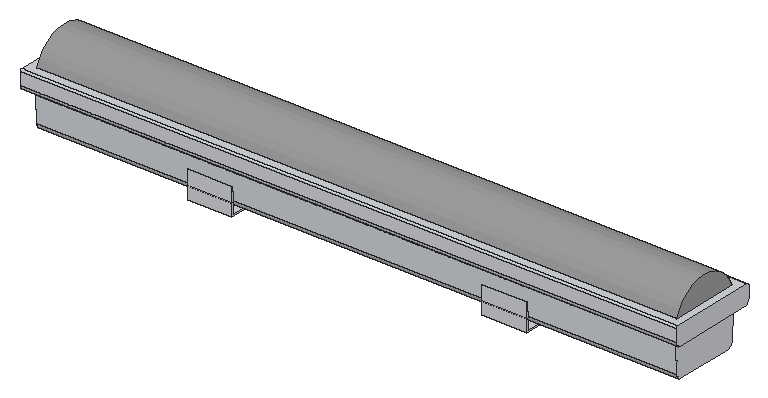
Revit family "0010206", category Lighting Fixtures, host Face, Revit 2017 (continued)
Types (60, lengths in mm): name | Weight | Wattage | TypeName | built-in parameter 1150134 | Photometric Web File | PowerFactor | PowerConsumption | NominalLength | Name | ModelReference | ModelNumber | Model | LuminousEfficacy | built-in parameter 1150105 | Lumens | LampNominalLuminous | LampMacAdamStep | LampColourTemperature | LENGHT_SYL | LENGHT_CHAMFER_SYL | LENGHT-_SYL | LENGHT-_CHAMFER_SYL | L0650_SYL | L1500_SYL | L1200_SYL | built-in parameter 1150107 | built-in parameter 1150106 | built-in parameter 1150104 | DocumentationLiterature | Description | BRACKET_WIDTH_SYL | BRACKET_DIST_SYL | Apparent Load
  0010215 RESISTO 1200 IP66 4800LM 840 QC | "1.61 kg" | 35 W | "Resisto  1200 IP66 4800lm 840 QC" | 12 | "0010215.ies" | 0.95 | "35 W" | 1212 | "Resisto  1200 IP66 4800lm 840 QC" | "Resisto  1200 IP66 4800lm 840 QC" | "0010215" | "Resisto  1200 IP66 4800lm 840 QC" | "137 lm/W" | 1583.6 (stored number, unit not read) | 4795 lm | "4800 lm" | "5" | "4000 K" | 592 | 600 | -592 | -600 | no | no | yes | 4000 (stored number, unit not read) | 15.836 (stored number, unit not read) | 12.728 (stored number, unit not read) | "http://www.sylvania-lighting.com/product/en-int/products/0010215" | "Resisto, integrated LED weatherproof luminaire, with UV stabilized flat diffuser designed to achieve uniform lit appearance, optimise light output and to reduce glare. 301 stainless steel diffuser clips and fixing brackets for surface mounting. Polycarbonate housing and diffuser - no yellow discolouration over time. 4800lm; 35W; 137lm/W; 4000K; SDCM<5; non dimmable; CRI80; IP66; IK08; Class I; 69,000hrs (L80B20) lifespan; 1200mm x 89mm x 88mm; D-mark; assembled with quick connector." | 400 | 444 | 35 VA
  0010214 RESISTO 1200 IP66 2800LM 840 QC | "1.57 kg" | 21 W | "Resisto  1200 IP66 2800lm 840 QC" | 12 | "0010214.ies" | 0.95 | "21 W" | 1212 | "Resisto  1200 IP66 2800lm 840 QC" | "Resisto  1200 IP66 2800lm 840 QC" | "0010214" | "Resisto  1200 IP66 2800lm 840 QC" | "133 lm/W" | 917.95 (stored number, unit not read) | 2793 lm | "2800 lm" | "5" | "4000 K" | 592 | 600 | -592 | -600 | no | no | yes | 4000 (stored number, unit not read) | 9.1795 (stored number, unit not read) | 12.356 (stored number, unit not read) | "http://www.sylvania-lighting.com/product/en-int/products/0010214" | "Resisto, integrated LED weatherproof luminaire, with UV stabilized flat diffuser designed to achieve uniform lit appearance, optimise light output and to reduce glare. 301 stainless steel diffuser clips and fixing brackets for surface mounting. Polycarbonate housing and diffuser - no yellow discolouration over time. 2800lm; 21W; 133lm/W; 4000K; SDCM<5; non dimmable; CRI80; IP66; IK08; Class I; 69,000hrs (L80B20) lifespan; 1200mm x 89mm x 88mm; D-mark; assembled with quick connector." | 400 | 444 | 21 VA
  0010213 RESISTO 1200 IP66 4800LM 865 | "1.54 kg" | 35 W | "Resisto  1200 IP66 4800lm 865" | 1 | "0010213.ies" | 0.95 | "35 W" | 1200 | "Resisto  1200 IP66 4800lm 865" | "Resisto  1200 IP66 4800lm 865" | "0010213" | "Resisto  1200 IP66 4800lm 865" | "137 lm/W" | 1583.6 (stored number, unit not read) | 4795 lm | "4800 lm" | "5" | "6500 K" | 592 | 600 | -592 | -600 | no | no | yes | 6500 (stored number, unit not read) | 15.836 (stored number, unit not read) | 12.728 (stored number, unit not read) | "http://www.sylvania-lighting.com/product/en-int/products/0010213" | "Resisto, integrated LED weatherproof luminaire, with UV stabilized flat diffuser designed to achieve uniform lit appearance, optimise light output and to reduce glare. 301 stainless steel diffuser clips and fixing brackets for surface mounting. Polycarbonate housing and diffuser - no yellow discolouration over time. 4800lm; 35W; 137lm/W; 6500K; SDCM<5; non dimmable; CRI80; IP66; IK08; Class I; 69,000hrs (L80B20) lifespan; 1200mm x 89mm x 88mm; D-mark." | 400 | 444 | 35 VA
  0010212 RESISTO 1200 IP66 2800LM 865 | "1.5 kg" | 21 W | "Resisto  1200 IP66 2800lm 865" | 1 | "0010212.ies" | 0.95 | "21 W" | 1200 | "Resisto  1200 IP66 2800lm 865" | "Resisto  1200 IP66 2800lm 865" | "0010212" | "Resisto  1200 IP66 2800lm 865" | "133 lm/W" | 917.95 (stored number, unit not read) | 2793 lm | "2800 lm" | "5" | "6500 K" | 592 | 600 | -592 | -600 | no | no | yes | 6500 (stored number, unit not read) | 9.1795 (stored number, unit not read) | 12.356 (stored number, unit not read) | "http://www.sylvania-lighting.com/product/en-int/products/0010212" | "Resisto, integrated LED weatherproof luminaire, with UV stabilized flat diffuser designed to achieve uniform lit appearance, optimise light output and to reduce glare. 301 stainless steel diffuser clips and fixing brackets for surface mounting. Polycarbonate housing and diffuser - no yellow discolouration over time. 2800lm; 21W; 133lm/W; 6500K; SDCM<5; non dimmable; CRI80; IP66; IK08; Class I; 69,000hrs (L80B20) lifespan; 1200mm x 89mm x 88mm; D-mark." | 400 | 444 | 21 VA
  0010211 RESISTO 1200 IP66 4800LM 840 | "11.88 kg" | 35 W | "Resisto  1200 IP66 4800lm 840" | 12 | "0010211.ies" | 0.95 | "35.0 W" | 1200 | "Resisto  1200 IP66 4800lm 840" | "Resisto  1200 IP66 4800lm 840" | "0010211" | "Resisto  1200 IP66 4800lm 840" | "137 lm/W" | -7601417.6 (stored number, unit not read) | 4795 lm | "4800 lm" | "5" | "4000 K" | 592 | 600 | -592 | -600 | no | no | yes | 4000 (stored number, unit not read) | -76014.2 (stored number, unit not read) | 12.728 (stored number, unit not read) | "http://www.sylvania-lighting.com/product/en-int/products/0010211" | "Resisto, integrated LED weatherproof luminaire, with UV stabilized flat diffuser designed to achieve uniform lit appearance, optimise light output and to reduce glare. 301 stainless steel diffuser clips and fixing brackets for surface mounting. Polycarbonate housing and diffuser - no yellow discolouration over time. 4800lm; 35W; 137lm/W; 4000K; SDCM<5; non dimmable; CRI80; IP66; IK08; Class I; 69,000hrs (L80B20) lifespan; 1200mm x 89mm x 88mm; D-mark." | 400 | 444 | 35 VA
  0010210 RESISTO 1200 IP66 2800LM 840 | "11.88 kg" | 21 W | "Resisto  1200 IP66 2800lm 840" | 12 | "0010210.ies" | 0.95 | "21.0 W" | 1200 | "Resisto  1200 IP66 2800lm 840" | "Resisto  1200 IP66 2800lm 840" | "0010210" | "Resisto  1200 IP66 2800lm 840" | "133 lm/W" | -2570258.2 (stored number, unit not read) | 2793 lm | "2800 lm" | "5" | "4000 K" | 592 | 600 | -592 | -600 | no | no | yes | 4000 (stored number, unit not read) | -25702.6 (stored number, unit not read) | 12.356 (stored number, unit not read) | "http://www.sylvania-lighting.com/product/en-int/products/0010210" | "Resisto, integrated LED weatherproof luminaire, with UV stabilized flat diffuser designed to achieve uniform lit appearance, optimise light output and to reduce glare. 301 stainless steel diffuser clips and fixing brackets for surface mounting. Polycarbonate housing and diffuser - no yellow discolouration over time. 2800lm; 21W; 133lm/W; 4000K; SDCM<5; non dimmable; CRI80; IP66; IK08; Class I; 69,000hrs (L80B20) lifespan; 1200mm x 89mm x 88mm; D-mark." | 400 | 444 | 21 VA
  0010209 RESISTO 1200 IP66 4800LM 830 | "1.54 kg" | 35 W | "Resisto  1200 IP66 4800lm 830" | (empty or 0) | "0010209.ies" | 0.95 | "35 W" | 1200 | "Resisto  1200 IP66 4800lm 830" | "Resisto  1200 IP66 4800lm 830" | "0010209" | "Resisto  1200 IP66 4800lm 830" | "137 lm/W" | 1583.6 (stored number, unit not read) | 4795 lm | "4800 lm" | "5" | "3000 K" | 592 | 600 | -592 | -600 | no | no | yes | 3000 (stored number, unit not read) | 15.836 (stored number, unit not read) | 12.728 (stored number, unit not read) | "http://www.sylvania-lighting.com/product/en-int/products/0010209" | "Resisto, integrated LED weatherproof luminaire, with UV stabilized flat diffuser designed to achieve uniform lit appearance, optimise light output and to reduce glare. 301 stainless steel diffuser clips and fixing brackets for surface mounting. Polycarbonate housing and diffuser - no yellow discolouration over time. 4800lm; 35W; 137lm/W; 3000K; SDCM<5; non dimmable; CRI80; IP66; IK08; Class I; 69,000hrs (L80B20) lifespan; 1200mm x 89mm x 88mm; D-mark." | 400 | 444 | 35 VA
  0010208 RESISTO 1200 IP66 2800LM 830 | "1.5 kg" | 21 W | "Resisto  1200 IP66 2800lm 830" | (empty or 0) | "0010208.ies" | 0.95 | "21 W" | 1200 | "Resisto  1200 IP66 2800lm 830" | "Resisto  1200 IP66 2800lm 830" | "0010208" | "Resisto  1200 IP66 2800lm 830" | "133 lm/W" | 917.95 (stored number, unit not read) | 2793 lm | "2800 lm" | "5" | "3000 K" | 592 | 600 | -592 | -600 | no | no | yes | 3000 (stored number, unit not read) | 9.1795 (stored number, unit not read) | 12.356 (stored number, unit not read) | "http://www.sylvania-lighting.com/product/en-int/products/0010208" | "Resisto, integrated LED weatherproof luminaire, with UV stabilized flat diffuser designed to achieve uniform lit appearance, optimise light output and to reduce glare. 301 stainless steel diffuser clips and fixing brackets for surface mounting. Polycarbonate housing and diffuser - no yellow discolouration over time. 2800lm; 21W; 133lm/W; 3000K; SDCM<5; non dimmable; CRI80; IP66; IK08; Class I; 69,000hrs (L80B20) lifespan; 1200mm x 89mm x 88mm; D-mark." | 400 | 444 | 21 VA
  0010207 RESISTO 600 HE IP66 2500LM 840 | "0.96 kg" | 16 W | "Resisto  600 HE IP66 2500lm 840" | 12 | "0010207.ies" | 0.95 | "16 W" | 650 | "Resisto  600 HE IP66 2500lm 840" | "Resisto  600 HE IP66 2500lm 840" | "0010207" | "Resisto  600 HE IP66 2500lm 840" | "156 lm/W" | 829.02 (stored number, unit not read) | 2496 lm | "2500 lm" | "3" | "4000 K" | 317 | 325 | -317 | -325 | yes | no | no | 4000 (stored number, unit not read) | 8.2902 (stored number, unit not read) | 14.493 (stored number, unit not read) | "http://www.sylvania-lighting.com/product/en-int/products/0010207" | "Resisto, integrated LED weatherproof luminaire, with UV stabilized flat diffuser designed to achieve uniform lit appearance, optimise light output and to reduce glare. 301 stainless steel diffuser clips and fixing brackets for surface mounting. Polycarbonate housing and diffuser - no yellow discolouration over time. 2500lm; 16W; 156lm/W; 4000K; SDCM<3; non dimmable; CRI80; IP66; IK08; Class I; 69,000hrs (L80B20) lifespan; 650mm x 89mm x 88mm; D-mark." | 125 | 169 | 16 VA
  0010206 RESISTO 600 HE IP66 1400LM 840 | "0.88 kg" | 10 W | "Resisto  600 HE IP66 1400lm 840" | 12 | "0010206.ies" | 0.9 | "10 W" | 650 | "Resisto  600 HE IP66 1400lm 840" | "Resisto  600 HE IP66 1400lm 840" | "0010206" | "Resisto  600 HE IP66 1400lm 840" | "140 lm/W" | 479.25 (stored number, unit not read) | 1400 lm | "1400 lm" | "3" | "4000 K" | 317 | 325 | -317 | -325 | yes | no | no | 4000 (stored number, unit not read) | 4.7925 (stored number, unit not read) | 13.006 (stored number, unit not read) | "http://www.sylvania-lighting.com/product/en-int/products/0010206" | "Resisto, integrated LED weatherproof luminaire, with UV stabilized flat diffuser designed to achieve uniform lit appearance, optimise light output and to reduce glare. 301 stainless steel diffuser clips and fixing brackets for surface mounting. Polycarbonate housing and diffuser - no yellow discolouration over time. 1400lm; 10W; 140lm/W; 4000K; SDCM<3; non dimmable; CRI80; IP66; IK08; Class I; 69,000hrs (L80B20) lifespan; 650mm x 89mm x 88mm; D-mark." | 125 | 169 | 10 VA
  0010205 RESISTO 600 IP66 2500LM 865 | "0.88 kg" | 19 W | "Resisto  600 IP66 2500lm 865" | 1 | "0010205.ies" | 1 | "19 W" | 650 | "Resisto  600 IP66 2500lm 865" | "Resisto  600 IP66 2500lm 865" | "0010205" | "Resisto  600 IP66 2500lm 865" | "132 lm/W" | 833.01 (stored number, unit not read) | 2508 lm | "2500 lm" | "5" | "6500 K" | 317 | 325 | -317 | -325 | yes | no | no | 6500 (stored number, unit not read) | 8.3301 (stored number, unit not read) | 12.263 (stored number, unit not read) | "http://www.sylvania-lighting.com/product/en-int/products/0010205" | "Resisto, integrated LED weatherproof luminaire, with UV stabilized flat diffuser designed to achieve uniform lit appearance, optimise light output and to reduce glare. 301 stainless steel diffuser clips and fixing brackets for surface mounting. Polycarbonate housing and diffuser - no yellow discolouration over time. 2500lm; 19W; 132lm/W; 6500K; SDCM<5; non dimmable; CRI80; IP66; IK08; Class I; 69,000hrs (L80B20) lifespan; 650mm x 89mm x 88mm; D-mark." | 125 | 169 | 19 VA
  0010204 RESISTO 600 IP66 1600LM 865 | "0.88 kg" | 12 W | "Resisto  600 IP66 1600lm 865" | 1 | "0010204.ies" | 0.9 | "12 W" | 650 | "Resisto  600 IP66 1600lm 865" | "Resisto  600 IP66 1600lm 865" | "0010204" | "Resisto  600 IP66 1600lm 865" | "133 lm/W" | 546.34 (stored number, unit not read) | 1596 lm | "1600 lm" | "5" | "6500 K" | 317 | 325 | -317 | -325 | yes | no | no | 6500 (stored number, unit not read) | 5.4634 (stored number, unit not read) | 12.356 (stored number, unit not read) | "http://www.sylvania-lighting.com/product/en-int/products/0010204" | "Resisto, integrated LED weatherproof luminaire, with UV stabilized flat diffuser designed to achieve uniform lit appearance, optimise light output and to reduce glare. 301 stainless steel diffuser clips and fixing brackets for surface mounting. Polycarbonate housing and diffuser - no yellow discolouration over time. 1600lm; 12W; 133lm/W; 6500K; SDCM<5; non dimmable; CRI80; IP66; IK08; Class I; 69,000hrs (L80B20) lifespan; 650mm x 89mm x 88mm; D-mark." | 125 | 169 | 12 VA
  0010203 RESISTO 600 IP66 2500LM 840 | "10.2 kg" | 19 W | "Resisto  600 IP66 2500lm 840" | 12 | "0010203.ies" | 0.95 | "19.0 W" | 650 | "Resisto  600 IP66 2500lm 840" | "Resisto  600 IP66 2500lm 840" | "0010203" | "Resisto  600 IP66 2500lm 840" | "132 lm/W" | -2082492.7 (stored number, unit not read) | 2508 lm | "2500 lm" | "5" | "4000 K" | 317 | 325 | -317 | -325 | yes | no | no | 4000 (stored number, unit not read) | -20824.9 (stored number, unit not read) | 12.263 (stored number, unit not read) | "http://www.sylvania-lighting.com/product/en-int/products/0010203" | "Resisto, integrated LED weatherproof luminaire, with UV stabilized flat diffuser designed to achieve uniform lit appearance, optimise light output and to reduce glare. 301 stainless steel diffuser clips and fixing brackets for surface mounting. Polycarbonate housing and diffuser - no yellow discolouration over time. 2500lm; 19W; 132lm/W; 4000K; SDCM<5; non dimmable; CRI80; IP66; IK08; Class I; 69,000hrs (L80B20) lifespan; 650mm x 89mm x 88mm; D-mark." | 125 | 169 | 19 VA
  0010202 RESISTO 600 IP66 1600LM 840 | "10.2 kg" | 12 W | "Resisto  600 IP66 1600lm 840" | 12 | "0010202.ies" | 0.9 | "12.0 W" | 650 | "Resisto  600 IP66 1600lm 840" | "Resisto  600 IP66 1600lm 840" | "0010202" | "Resisto  600 IP66 1600lm 840" | "133 lm/W" | -874129.2 (stored number, unit not read) | 1596 lm | "1600 lm" | "5" | "4000 K" | 317 | 325 | -317 | -325 | yes | no | no | 4000 (stored number, unit not read) | -8741.3 (stored number, unit not read) | 12.356 (stored number, unit not read) | "http://www.sylvania-lighting.com/product/en-int/products/0010202" | "Resisto, integrated LED weatherproof luminaire, with UV stabilized flat diffuser designed to achieve uniform lit appearance, optimise light output and to reduce glare. 301 stainless steel diffuser clips and fixing brackets for surface mounting. Polycarbonate housing and diffuser - no yellow discolouration over time. 1600lm; 12W; 133lm/W; 4000K; SDCM<5; non dimmable; CRI80; IP66; IK08; Class I; 69,000hrs (L80B20) lifespan; 650mm x 89mm x 88mm; D-mark." | 125 | 169 | 12 VA
  0010279 RESISTO 1500 HE IP66 DALI 8300LM 840 | "2.01 kg" | 54 W | "Resisto 1500 HE IP66 DALI 8300lm 840" | 12 | "0010279.ies" | 0.99 | "54 W" | 1500 | "Resisto 1500 HE IP66 DALI 8300lm 840" | "Resisto 1500 HE IP66 DALI 8300lm 840" | "0010279" | "Resisto 1500 HE IP66 DALI 8300lm 840" | "154 lm/W" | 2773 (stored number, unit not read) | 8316 lm | "8300 lm" | "3" | "4000 K" | 742 | 750 | -742 | -750 | no | yes | no | 4000 (stored number, unit not read) | 27.73 (stored number, unit not read) | 14.307 (stored number, unit not read) | "http://www.sylvania-lighting.com/product/en-int/products/0010279" | "Resisto, integrated LED weatherproof luminaire, with UV stabilized flat diffuser designed to achieve uniform lit appearance, optimise light output and to reduce glare. 301 stainless steel diffuser clips and fixing brackets for surface mounting. Polycarbonate housing and diffuser - no yellow discolouration over time. 8300lm; 54W; 154lm/W; 4000K; SDCM<3; DALI dimmable; CRI80; IP66; IK08; Class I; 69,000hrs (L80B20) lifespan; 1500mm x 89mm x 88mm; D-mark." | 550 | 594 | 54 VA
